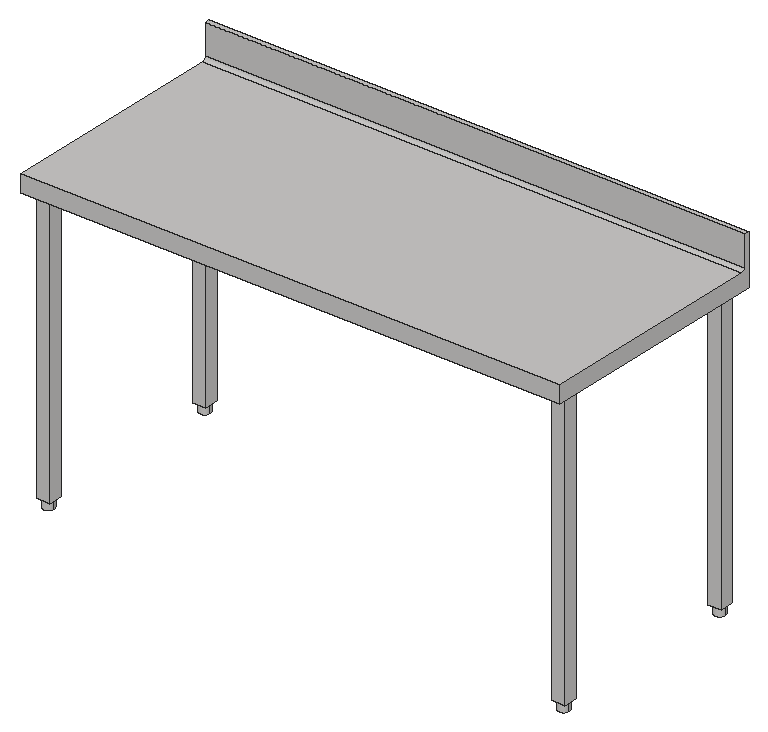
Revit family "QF_ZANUSSI_132848_WTD1617N", category Attrezzature speciali, Revit 2020
Family settings
  Quota connettore circolare = Usa diametro
  Tipo di parte = Normale
  Basato su piano di lavoro = No
  Sempre verticale = Sì
  Taglio con vuoti quando caricato = No
  Condiviso = No
  Punto di calcolo locali = No
Parameters (values of type "Standard")
  Weight = 55.00 kg
  Watts = 0 W
  Volts = 0 V
  URL Manufacturer = "http://www.zanussiprofessional.com"
  URL = "http://www.zanussiprofessional.com"
  Steam Supply Size = 0 mm
  Steam Supply Minimum Pressure = 0.0 Pa
  Steam Supply Maximum Pressure = 0.0 Pa
  Steam Consumption per Hour = 0
  Refrigeration Suction Line Size = 0.0 mm
  Refrigeration Liquid Line Size = 0.0 mm
  Refrigerant Compressor Remote = yes
  Prospetto di default = 0.0 mm
  Produttore = "Zanussi"
  Phase = 0
  Modello = "WTD1617N"
  Length Actual = 1600.0 mm  # constant formula
  Item Number = "132848"
  Hot Water Size = 0 mm
  Height Actual = 900.0 mm  # constant formula
  HP = "0 HP"
  Gas Size = 0 mm
  Gas KW = 0
  Gas Input Pressure = 0 W
  Direct Waste Size = 0 mm
  Descrizione = "WORK TABLE+UPSTAND-DISASSEMBLED 1600MM"
  Depth Actual = 700.0 mm  # constant formula
  Cycle = 0 Hz
  Condensate Return Size = 0 mm
  Compressed Air Volume = 0.0 L/s
  Compressed Air Size = 0 mm
  Compressed Air Pressure = 0.0 Pa
  Cold Water Size = 0 mm
  Accessory = yes
Reference planes
  plane 1 "Center (Front/Back)": y = 0
  plane 2: z = 0
  plane 3 "Center (Left/Right)": x = -300
  plane 4 "LEFT": x = -1100
  plane 5 "RIGHT": x = 500
  plane 6 "BACK": y = 350
  plane 7 "FRONT": y = -350
  plane 8 "Base": z = 850
  plane 9 "TOP": z = 900
  plane 10: x = -1064.5
  plane 11: x = 464.5
  plane 12: y = 290
  plane 13: y = -290
Forms (mm)
  Extrusion 1, solid, material "QF_Finishes_Stainless Steel"
    sketch origin (-300, 0, 0) x (0, 1, 0) y (0, 0, 1)
      loop
        line (-350, 850) -> (350, 850) -> (350, 1000) -> (337, 1000) -> (337, 910)
        arc (337, 910) -> (334.071, 902.929) -> (327, 900) r 10
        line (327, 900) -> (-350, 900) -> (-350, 850)
    from 800 to -800
Lines and regions (mm)
  symbolic lines
    curve 1: line (500, 350, 900) -> (-1100, 350, 900)
    curve 2: line (-1100, 350, 900) -> (-1100, -350, 900)
    curve 3: line (-1100, -350, 900) -> (500, -350, 900)
    curve 4: line (500, -350, 900) -> (500, 350, 900)
    curve 5: line (500, 337, 900) -> (-1100, 337, 900)
Dimensions and locks
  plane 4 "LEFT" to plane 5 "RIGHT" = 1600.0 mm
  equal spacing: plane 4 "LEFT", plane 3 "Center (Left/Right)", plane 5 "RIGHT"
  locked: plane 8 "Base" to level at 850
  plane 4 "LEFT" to plane 10 = 35.5 mm
  plane 11 to plane 5 "RIGHT" = 35.5 mm
  plane 10 to plane 11 = 1529.0 mm
  locked: Extrusion 1 to level at 1000
  plane 9 "TOP" to level = 900.0 mm
  plane 6 "BACK" to plane 12 = 60.0 mm
  plane 13 to plane 7 "FRONT" = 60.0 mm
  plane 6 "BACK" to plane 7 "FRONT" = 700.0 mm
  plane 12 to plane 13 = 580.0 mm
  equal spacing: plane 6 "BACK", plane 1 "Center (Front/Back)", plane 7 "FRONT"
  aligned and locked: level to plane 2
  aligned and locked: plane 10 to nested 1
  aligned and locked: nested 1 to plane 13
  aligned and locked: plane 11 to nested 2
  aligned and locked: nested 2 to plane 13
  aligned and locked: plane 11 to nested 4
  aligned and locked: nested 4 to plane 12
  aligned and locked: plane 10 to nested 3
  aligned and locked: nested 3 to plane 12
  aligned and locked: Extrusion 1 to plane 4 "LEFT"
  aligned and locked: plane 5 "RIGHT" to Extrusion 1
  aligned and locked: curve 2 to plane 4 "LEFT"
Automatic sketch dimensions
  Extrusion 1 sketch curve to plane 7 "FRONT" = 0.0 mm
  Extrusion 1 sketch curve to plane 9 "TOP" = 0.0 mm
  Extrusion 1 sketch curve to plane 6 "BACK" = 0.0 mm
  Extrusion 1 sketch curve to plane 8 "Base" = 0.0 mm
  plane 9 "TOP" to Extrusion 1 sketch curve = 10.0 mm
  Extrusion 1 sketch curve to plane 6 "BACK" = 13.0 mm
  Extrusion 1 sketch curve to Extrusion 1 sketch curve = 90.0 mm
  curve 3 to plane 7 "FRONT" = 0.0 mm
  curve 5 to plane 5 "RIGHT" = 0.0 mm
  curve 4 to plane 6 "BACK" = 0.0 mm
  curve 5 to plane 6 "BACK" = 13.0 mm
Nested families
  nested 1: "FEET_40x40" at (-1064.5, -290, 0), type "FEET_40x40"
  nested 2: "FEET_40x40" at (464.5, -290, 0), type "FEET_40x40"
  nested 3: "FEET_40x40" at (-1064.5, 290, 0), type "FEET_40x40"
  nested 4: "FEET_40x40" at (464.5, 290, 0), type "FEET_40x40"
Definition of nested family "FEET_40x40"
  Parameters
    Default Elevation = 0.0 mm
    FEET = 850.0 mm
  Reference planes
    plane 1 "Center (Front/Back)": y = 0
    plane 2: z = 0
    plane 3 "Center (Left/Right)": x = 0
    plane 4: z = 850
  Forms (mm)
    Extrusion 1, solid
      sketch origin (0, 0, 0) x (1, 0, 0) y (0, 1, 0)
        loop
          line (-20, -20) -> (20, -20) -> (20, 20) -> (-20, 20) -> (-20, -20)
      from 25 to 845
    Extrusion 2, solid
      sketch origin (0, 0, 0) x (1, 0, 0) y (0, 1, 0)
        loop
          circle (0, 0) r 16
      from 0 to 25
    Extrusion 3, solid
      sketch origin (0, 0, 0) x (1, 0, 0) y (0, 1, 0)
        loop
          line (30, 30) -> (-30, 30) -> (-30, -30) -> (30, -30) -> (30, 30)
      from 845 to 850
  Lines and regions (mm)
    symbolic lines
      curve 1: line (0, -1.503, 0) -> (0, 1.508, 0)
      curve 2: line (1.561, 0, 0) -> (-1.439, 0, 0)
  Dimensions and locks
    "FEET": plane 4 to plane 2
    aligned and locked: level to plane 2
  Automatic sketch dimensions
    Extrusion 1 sketch curve to plane 3 "Center (Left/Right)" = 20.0 mm
    plane 3 "Center (Left/Right)" to Extrusion 1 sketch curve = 20.0 mm
    plane 1 "Center (Front/Back)" to Extrusion 1 sketch curve = 20.0 mm
    Extrusion 1 sketch curve to plane 1 "Center (Front/Back)" = 20.0 mm
    plane 1 "Center (Front/Back)" to Extrusion 2 sketch curve = 0.0 mm
    Extrusion 2 sketch curve to plane 3 "Center (Left/Right)" = 0.0 mm
    plane 3 "Center (Left/Right)" to Extrusion 3 sketch curve = 30.0 mm
    Extrusion 3 sketch curve to plane 1 "Center (Front/Back)" = 30.0 mm
    Extrusion 3 sketch curve to plane 3 "Center (Left/Right)" = 30.0 mm
    plane 1 "Center (Front/Back)" to Extrusion 3 sketch curve = 30.0 mm
    plane 1 "Center (Front/Back)" to curve 2 = 0.0 mm
    curve 1 to plane 3 "Center (Left/Right)" = 0.0 mm
    curve 2 to plane 3 "Center (Left/Right)" = 1.439 mm
    plane 3 "Center (Left/Right)" to curve 2 = 1.561 mm
    plane 1 "Center (Front/Back)" to curve 1 = 1.503 mm
    curve 1 to plane 1 "Center (Front/Back)" = 1.508 mm
    radius of Extrusion 2 sketch curve = 16.0 mm
